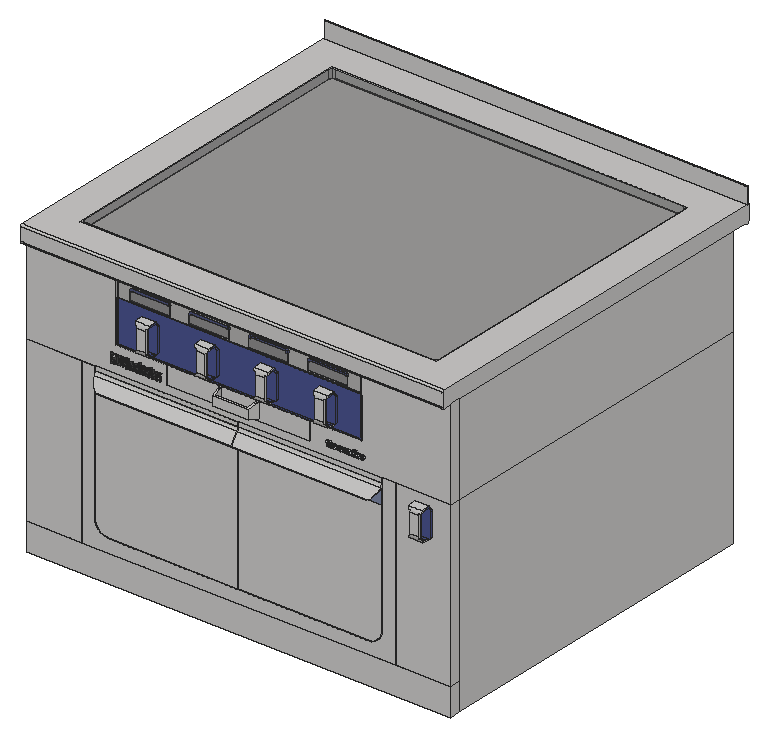
Revit family "QF_ELECTROLUXPROFESSIONAL_589708_MCTHEBJ4AO", category Attrezzature speciali, Revit 2020 (continued)
Definition of nested family "Front_Panel_W1000_Four Knobs"
  Definition of nested family "ELX_Professional_Logo_Small"
    Forms (mm)
      Extrusion 2, solid, material <- "Material_Logo"
        sketch origin (15.5, 0, 0) x (1, 0, 0) y (0, 1, 0)
          loop
            line (40.457, -0.243) -> (38.894, 1.942) -> (40.83, 4.579) -> (42.488, 6.837) -> (39.782, 6.837) -> (37.53, 3.719) -> (35.258, 6.837) -> (32.573, 6.837) -> (34.113, 4.731) -> (36.167, 1.922) -> (34.014, -1.076) -> (32.222, -3.573) -> (34.887, -3.573) -> (37.53, 0.104) -> (40.174, -3.573) -> (42.839, -3.573) -> (40.457, -0.243)
          loop
            line (-46.121, -5.837) -> (-48.039, -5.837) -> (-48.039, -10.814) -> (-47.016, -10.814) -> (-47.016, -9.128) -> (-46.121, -9.128)
            arc (-46.121, -9.128) -> (-44.476, -7.482) -> (-46.121, -5.837) r 1.645
          loop
            line (-46.163, -6.778) -> (-47.016, -6.778) -> (-47.016, -8.187) -> (-46.163, -8.187)
            arc (-46.163, -8.187) -> (-45.458, -7.482) -> (-46.163, -6.778) r 0.704
          loop
            line (-38.313, -5.837) -> (-40.265, -5.837) -> (-40.265, -10.814) -> (-39.241, -10.814) -> (-39.241, -9.1) -> (-38.46, -9.182) -> (-37.48, -10.814) -> (-36.318, -10.814) -> (-37.513, -8.848)
            arc (-37.513, -8.848) -> (-36.888, -8.266) -> (-36.671, -7.441) r 1.536
            arc (-36.671, -7.441) -> (-37.165, -6.305) -> (-38.313, -5.837) r 1.643
          loop
            arc (-38.402, -8.166) -> (-37.707, -7.505) -> (-38.334, -6.778) r 0.696
            line (-38.334, -6.778) -> (-39.241, -6.778) -> (-39.241, -8.166) -> (-38.402, -8.166)
          loop
            circle (-29.965, -8.325) r 2.585
          loop
            circle (-29.965, -8.325) r 1.64
          loop
            line (-23.1, -5.837) -> (-23.1, -10.814) -> (-22.076, -10.814) -> (-22.076, -8.768) -> (-20.204, -8.768) -> (-20.204, -7.828) -> (-22.076, -7.828) -> (-22.076, -6.778) -> (-20.024, -6.778) -> (-20.024, -5.837) -> (-23.1, -5.837)
          loop
            line (-15.802, -5.837) -> (-15.802, -9.2)
            arc (-15.802, -9.2) -> (-15.343, -10.34) -> (-14.209, -10.814) r 1.593
            line (-14.209, -10.814) -> (-12.602, -10.814) -> (-12.602, -10.027) -> (-14.004, -10.027)
            arc (-14.004, -10.027) -> (-14.552, -9.8) -> (-14.779, -9.252) r 0.775
            line (-14.779, -9.252) -> (-14.779, -8.424) -> (-12.789, -8.424) -> (-12.789, -7.642) -> (-14.779, -7.642) -> (-14.779, -6.778) -> (-12.651, -6.778) -> (-12.651, -5.837) -> (-15.802, -5.837)
          loop
            line (-5.909, -7.143) -> (-5.173, -6.638)
            arc (-5.173, -6.638) -> (-5.855, -5.974) -> (-6.781, -5.755) r 1.782
            arc (-6.781, -5.755) -> (-7.397, -5.878) -> (-7.944, -6.189) r 1.974
            arc (-7.944, -6.189) -> (-8.202, -6.5) -> (-8.317, -6.888) r 1.013
            arc (-8.317, -6.888) -> (-8.306, -7.341) -> (-8.192, -7.78) r 1.985
            arc (-8.192, -7.78) -> (-7.749, -8.259) -> (-7.171, -8.563) r 1.928
            arc (-7.171, -8.563) -> (-6.637, -8.779) -> (-6.131, -9.056) r 5.041
            arc (-6.131, -9.056) -> (-5.934, -9.387) -> (-6.09, -9.74) r 0.42
            arc (-6.09, -9.74) -> (-6.631, -9.96) -> (-7.204, -9.845) r 1.016
            arc (-7.204, -9.845) -> (-7.625, -9.603) -> (-7.889, -9.196) r 1.033
            line (-7.889, -9.196) -> (-8.67, -9.686)
            arc (-8.67, -9.686) -> (-8.361, -10.198) -> (-7.908, -10.589) r 1.914
            arc (-7.908, -10.589) -> (-7.334, -10.834) -> (-6.714, -10.896) r 2.063
            arc (-6.714, -10.896) -> (-5.947, -10.743) -> (-5.256, -10.376) r 2.696
            arc (-5.256, -10.376) -> (-4.95, -9.565) -> (-5.108, -8.712) r 1.618
            arc (-5.108, -8.712) -> (-5.448, -8.319) -> (-5.884, -8.035) r 1.876
            arc (-5.884, -8.035) -> (-6.434, -7.789) -> (-6.999, -7.577) r 9.883
            arc (-6.999, -7.577) -> (-7.325, -7.07) -> (-6.854, -6.694) r 0.45
            arc (-6.854, -6.694) -> (-6.329, -6.809) -> (-5.909, -7.143) r 1.197
          loop
            line (1.61, -7.143) -> (2.345, -6.638)
            arc (2.345, -6.638) -> (1.663, -5.974) -> (0.737, -5.755) r 1.782
            arc (0.737, -5.755) -> (0.121, -5.878) -> (-0.425, -6.189) r 1.974
            arc (-0.425, -6.189) -> (-0.683, -6.5) -> (-0.799, -6.888) r 1.013
            arc (-0.799, -6.888) -> (-0.788, -7.341) -> (-0.674, -7.78) r 1.985
            arc (-0.674, -7.78) -> (-0.231, -8.259) -> (0.347, -8.563) r 1.928
            arc (0.347, -8.563) -> (0.881, -8.779) -> (1.387, -9.056) r 5.041
            arc (1.387, -9.056) -> (1.584, -9.387) -> (1.428, -9.74) r 0.42
            arc (1.428, -9.74) -> (0.887, -9.96) -> (0.314, -9.845) r 1.016
            arc (0.314, -9.845) -> (-0.107, -9.603) -> (-0.371, -9.196) r 1.033
            line (-0.371, -9.196) -> (-1.152, -9.686)
            arc (-1.152, -9.686) -> (-0.842, -10.198) -> (-0.39, -10.589) r 1.914
            arc (-0.39, -10.589) -> (0.184, -10.834) -> (0.804, -10.896) r 2.063
            arc (0.804, -10.896) -> (1.572, -10.743) -> (2.263, -10.376) r 2.696
            arc (2.263, -10.376) -> (2.568, -9.565) -> (2.411, -8.712) r 1.618
            arc (2.411, -8.712) -> (2.07, -8.319) -> (1.635, -8.035) r 1.876
            arc (1.635, -8.035) -> (1.084, -7.789) -> (0.519, -7.577) r 9.883
            arc (0.519, -7.577) -> (0.193, -7.07) -> (0.665, -6.694) r 0.45
            arc (0.665, -6.694) -> (1.189, -6.809) -> (1.61, -7.143) r 1.197
          loop
            line (6.801, -5.837) -> (6.801, -10.814) -> (7.825, -10.814) -> (7.825, -5.837) -> (6.801, -5.837)
          loop
            circle (14.724, -8.325) r 1.548
          loop
            circle (14.724, -8.325) r 2.585
          loop
            line (21.59, -10.814) -> (22.623, -10.814) -> (22.623, -7.685) -> (24.9, -10.814) -> (25.895, -10.814) -> (25.895, -5.837) -> (24.861, -5.837) -> (24.861, -9.061) -> (22.585, -5.837) -> (21.59, -5.837) -> (21.59, -10.814)
          loop
            line (31.054, -10.814) -> (31.539, -9.74) -> (33.38, -9.74) -> (33.865, -10.814) -> (34.965, -10.814) -> (32.46, -5.837) -> (29.956, -10.814) -> (31.054, -10.814)
          loop
            line (32.46, -7.698) -> (31.999, -8.719) -> (32.921, -8.719) -> (32.46, -7.698)
          loop
            line (40.047, -9.873) -> (40.047, -5.837) -> (39.024, -5.837) -> (39.024, -10.814) -> (41.961, -10.814) -> (41.961, -9.873) -> (40.047, -9.873)
          loop
            line (-74.986, -10.814) -> (-53.322, -10.814) -> (-53.322, 10.82) -> (-74.986, 10.82) -> (-74.986, -10.814)
          loop
            line (-61.261, 9.758) -> (-61.261, -9.707)
            arc (-61.261, -9.707) -> (-54.066, 0.025) -> (-61.261, 9.758) r 10.18
          loop
            line (-62.251, 8.349) -> (-62.251, 9.758)
            arc (-62.251, 9.758) -> (-70.347, 7.918) -> (-74.247, 0.59) r 9.976
            line (-74.247, 0.59) -> (-71.026, 0.59)
            arc (-71.026, 0.59) -> (-65.274, 2.925) -> (-62.251, 8.349) r 9.351
          loop
            arc (-74.247, -0.539) -> (-70.353, -7.928) -> (-62.251, -9.957) r 10.237
            line (-62.251, -9.957) -> (-62.251, -8.298)
            arc (-62.251, -8.298) -> (-65.274, -2.874) -> (-71.026, -0.539) r 9.351
            line (-71.026, -0.539) -> (-74.247, -0.539)
        from 0 to 1.644
    Dimensions and locks
      aligned and locked: plane 2 to Extrusion 1
      aligned and locked: level to Extrusion 1
Definition of nested family "H450H2W1000_2DOOR"
  Parameters
    Width [instance] = 680 mm
    Wdoor [instance] = Width / 2  # 340 mm
    Show Clearance [instance] = yes
    Model = "727995"
    Height = 450 mm
    Default Elevation = 0 mm
  Reference planes
    plane 1 "Center (Front/Back)": y = 0
    plane 2: z = 0
    plane 3 "Center (Left/Right)": x = 36.042
    plane 4 "panel": z = 25
    plane 5: x = -303.958
    plane 6: x = 376.042
    plane 7: y = 450
    plane 8: z = 340
    plane 9: z = 45
  Forms (mm)
    Extrusion 1, solid
      sketch origin (0, -919.2, 0) x (1, 0, 0) y (0, 1, 0)
        loop
          line (-980.5, 2119.2) -> (-980.5, -162.846) -> (881.94, -162.846) -> (881.94, 2119.2) -> (-980.5, 2119.2)
      from 0 to -59.546
    Extrusion 2, solid
      sketch origin (0, 0, 0) x (1, 0, 0) y (0, 1, 0)
        loop
          line (374.042, 393) -> (37.042, 393) -> (37.042, 97) -> (344.042, 97)
          arc (344.042, 97) -> (365.255, 105.787) -> (374.042, 127) r 30
          line (374.042, 127) -> (374.042, 393)
        loop
          arc (-301.958, 127) -> (-293.171, 105.787) -> (-271.958, 97) r 30
          line (-271.958, 97) -> (35.042, 97) -> (35.042, 393) -> (-301.958, 393) -> (-301.958, 127)
      from 0 to 25
    Extrusion 3, solid
      sketch origin (0, 0, 0) x (1, 0, 0) y (0, 1, 0)
        loop
          line (-301.958, 393) -> (35.042, 393) -> (35.042, 440) -> (-301.958, 440) -> (-301.958, 393)
        loop
          line (37.042, 440) -> (37.042, 393) -> (374.042, 393) -> (374.042, 440) -> (37.042, 440)
      from 0 to 25
    Extrusion 4, solid
      sketch origin (5.581, 79.805, 0) x (1, 0, 0) y (0, 1, 0)
        loop
          line (-307.539, 360.195) -> (29.461, 360.195) -> (29.461, 370.195) -> (-307.539, 370.195) -> (-307.539, 360.195)
        loop
          line (31.461, 370.195) -> (31.461, 360.195) -> (368.461, 360.195) -> (368.461, 370.195) -> (31.461, 370.195)
      from 0 to 25
    Extrusion 5, solid
      sketch origin (36.042, 0, 0) x (0, 1, 0) y (0, 0, 1)
        loop
          line (426.693, 25) -> (440.02, 25)
          arc (440.02, 25) -> (435.261, 25.775) -> (430.993, 28.02) r 15
          line (430.993, 28.02) -> (406.653, 46.362) -> (403.644, 42.369) -> (426.693, 25)
      from 1 to 338
    Extrusion 6, solid
      sketch origin (36.042, 0, 0) x (0, 1, 0) y (0, 0, 1)
        loop
          line (426.693, 25) -> (440.02, 25)
          arc (440.02, 25) -> (435.261, 25.775) -> (430.993, 28.02) r 15
          line (430.993, 28.02) -> (406.653, 46.362) -> (403.644, 42.369) -> (426.693, 25)
      from -338 to -1
    Extrusion 7, void
      sketch origin (0, 0, 0) x (1, 0, 0) y (0, 1, 0)
        loop
          arc (374.042, 426.693) -> (364.508, 412.772) -> (350.317, 403.644) r 42.603
          line (350.317, 403.644) -> (374.042, 403.644) -> (374.042, 426.693)
      from 0 to 47.9
    Extrusion 8, void
      sketch origin (72.084, 0, 0) x (-1, 0, 0) y (0, -1, 0)
        loop
          line (374.042, -426.693) -> (374.042, -403.644) -> (350.317, -403.644)
          arc (350.317, -403.644) -> (364.508, -412.772) -> (374.042, -426.693) r 42.603
      from 0 to 47.9
    Extrusion 9, solid, detail levels coarse
      sketch origin (0, 0, 0) x (1, 0, 0) y (0, 0, 1)
        loop
          arc (36.231, 25) -> (-56.085, 247.873) -> (-278.958, 340.189) r 315.189
          line (-278.958, 340.189) -> (-278.958, 25) -> (36.231, 25)
      from -450 to -97
    Extrusion 10, solid, detail levels coarse
      sketch origin (0, 0, 0) x (1, 0, 0) y (0, 0, 1)
        loop
          arc (351.042, 340) -> (128.303, 247.739) -> (36.042, 25) r 315
          line (36.042, 25) -> (351.042, 25) -> (351.042, 340)
      from -450 to -97
  Cuts and joins
    Extrusion 8 cuts Extrusion 6
    Extrusion 7 cuts Extrusion 5
  Lines and regions (mm)
    symbolic lines
      curve 1: line (376.042, 0, 45) -> (376.042, 0, 340)
      curve 2: line (351.042, 0, 45) -> (351.042, 0, 340)
      curve 3: line (376.042, 0, 340) -> (351.042, 0, 340)
      curve 4: line (-303.958, 0, 45) -> (-303.958, 0, 340)
      curve 5: line (-278.958, 0, 45) -> (-278.958, 0, 340)
      curve 6: line (-303.958, 0, 340) -> (-278.958, 0, 340)
      curve 7: arc (351.042, 0, 340) -> (135.522, 0, 254.731) -> (36.683, 0, 45.088) r 315
      curve 8: arc (35.407, 0, 44.997) -> (-63.405, 0, 254.7) -> (-278.958, 0, 340) r 315
  Dimensions and locks
    plane 4 "panel" to level = 25 mm
    "Width": plane 5 to plane 6
    equal spacing: plane 5, plane 3 "Center (Left/Right)", plane 6
    "Height": plane 1 "Center (Front/Back)" to plane 7
    locked: plane 5 to Extrusion 2 sketch curve at 2
    locked: Extrusion 2 sketch curve to plane 6 at 2
    locked: plane 1 "Center (Front/Back)" to Extrusion 2 sketch curve at 97
    locked: plane 7 to Extrusion 2 sketch curve at 57
    locked: Extrusion 2 sketch curve to plane 3 "Center (Left/Right)" at 1
    locked: plane 3 "Center (Left/Right)" to Extrusion 2 sketch curve at 1
    Extrusion 3 sketch curve to Extrusion 2 = 47 mm
    "Wdoor": plane 8 to level
    locked: curve 2 to curve 1 at 25
    locked: curve 5 to curve 4 at 25
    plane 4 "panel" to plane 9 = 20 mm
    aligned and locked: plane 2 to Extrusion 1
    aligned and locked: level to Extrusion 1
    aligned and locked: plane 4 "panel" to Extrusion 2
    aligned and locked: Extrusion 2 to Extrusion 3 sketch curve
    aligned and locked: Extrusion 3 sketch curve to Extrusion 2  (x2)
    aligned and locked: Extrusion 3 sketch curve to Extrusion 3 sketch curve
    aligned and locked: plane 4 "panel" to Extrusion 3
    aligned and locked: Extrusion 4 sketch curve to Extrusion 4 sketch curve
    aligned and locked: Extrusion 4 sketch curve to Extrusion 3  (x3)
    aligned and locked: Extrusion 3 to Extrusion 4 sketch curve
    aligned and locked: Extrusion 4 sketch curve to plane 7
    aligned and locked: Extrusion 3 to Extrusion 5
    aligned and locked: Extrusion 5 to Extrusion 3
    aligned and locked: Extrusion 6 to Extrusion 3
    aligned and locked: Extrusion 3 to Extrusion 6
    aligned and locked: Extrusion 7 sketch curve to Extrusion 5
    aligned and locked: Extrusion 8 to Extrusion 6
    aligned and locked: Extrusion 4 to Extrusion 8
    aligned and locked: Extrusion 2 to Extrusion 7
    aligned and locked: Extrusion 7 to Extrusion 5
    aligned and locked: Extrusion 4 to Extrusion 3  (x2)
    aligned and locked: Extrusion 3 to Extrusion 2
    aligned and locked: Extrusion 4 to Extrusion 2
    aligned and locked: curve 3 to plane 8
    aligned and locked: curve 1 to plane 6
    aligned and locked: curve 4 to plane 5
    aligned and locked: Extrusion 9 sketch curve to plane 4 "panel"
    aligned and locked: Extrusion 10 sketch curve to curve 7
    aligned and locked: Extrusion 10 sketch curve to curve 2
    aligned and locked: Extrusion 2 to Extrusion 9
    aligned and locked: Extrusion 2 to Extrusion 10
    aligned and locked: plane 7 to Extrusion 9
    aligned and locked: Extrusion 3 to Extrusion 4
  Automatic sketch dimensions
    Extrusion 1 sketch curve to Extrusion 1 sketch curve = 1862.44 mm
    Extrusion 1 sketch curve to Extrusion 1 sketch curve = 2282.046 mm
    Extrusion 2 sketch curve to Extrusion 2 sketch curve = 30 mm  (x2)
    Extrusion 2 sketch curve to plane 1 "Center (Front/Back)" = 97 mm
    Extrusion 2 sketch curve to Extrusion 2 sketch curve = 0 mm
    Extrusion 3 sketch curve to plane 3 "Center (Left/Right)" = 1 mm
    plane 5 to Extrusion 3 sketch curve = 2 mm
    Extrusion 3 sketch curve to Extrusion 3 sketch curve = 0 mm
    Extrusion 5 sketch curve to plane 4 "panel" = 0 mm
    plane 4 "panel" to Extrusion 5 sketch curve = 17.369 mm
    Extrusion 5 sketch curve to plane 7 = 46.356 mm
    plane 4 "panel" to Extrusion 5 sketch curve = 21.362 mm
    Extrusion 5 sketch curve to Extrusion 5 sketch curve = 3.009 mm
    plane 4 "panel" to Extrusion 5 sketch curve = 3.02 mm
    Extrusion 5 sketch curve to Extrusion 5 sketch curve = 9.027 mm
    Extrusion 6 sketch curve to plane 4 "panel" = 0 mm
    plane 4 "panel" to Extrusion 6 sketch curve = 17.369 mm
    Extrusion 6 sketch curve to plane 7 = 46.356 mm
    plane 4 "panel" to Extrusion 6 sketch curve = 21.362 mm
    Extrusion 6 sketch curve to Extrusion 6 sketch curve = 3.009 mm
    plane 4 "panel" to Extrusion 6 sketch curve = 3.02 mm
    Extrusion 6 sketch curve to Extrusion 6 sketch curve = 9.027 mm
    Extrusion 7 sketch curve to Extrusion 7 sketch curve = 23.725 mm
    Extrusion 7 sketch curve to plane 7 = 6.671 mm
    Extrusion 7 sketch curve to plane 6 = 41.221 mm
    Extrusion 7 sketch curve to plane 7 = 23.307 mm
    plane 7 to Extrusion 8 sketch curve = 6.671 mm
    Extrusion 8 sketch curve to plane 5 = 41.221 mm
    Extrusion 8 sketch curve to plane 5 = 25.725 mm
    Extrusion 8 sketch curve to plane 5 = 2 mm
    plane 7 to Extrusion 8 sketch curve = 23.307 mm
    Extrusion 4 sketch curve to Extrusion 4 sketch curve = 10 mm
    Extrusion 4 sketch curve to plane 7 = 10 mm
    curve 2 to plane 9 = 0 mm
    curve 5 to plane 9 = 0 mm
    curve 4 to plane 9 = 0 mm
    curve 1 to plane 9 = 0 mm
    curve 8 to plane 4 "panel" = 0 mm
    curve 5 to plane 8 = 0 mm
    curve 8 to plane 9 = 0.003 mm
    curve 7 to plane 4 "panel" = 0 mm
    plane 9 to curve 7 = 0.088 mm
    plane 5 to Extrusion 9 sketch curve = 25 mm
    plane 3 "Center (Left/Right)" to Extrusion 9 sketch curve = 0.189 mm
Definition of nested family "Warm"
  Reference planes
    plane 1 "Center (Front/Back)": y = 0
    plane 2: z = 0
    plane 3 "Center (Left/Right)": x = 0
  Lines and regions (mm)
    detail lines, in view "Ref. Level"
      curve 1: circle (-165.742, 180.331, 0) r 45 normal (0, 0, 1)
      curve 2: line (-165.742, 125.331, 0) -> (-165.742, 80.331, 0)
      curve 3: line (-165.742, 235.331, 0) -> (-165.742, 280.331, 0)
      curve 4: line (-105.742, 180.331, 0) -> (-65.742, 180.331, 0)
      curve 5: line (-220.742, 180.331, 0) -> (-265.742, 180.331, 0)
      curve 6: line (-126.851, 141.44, 0) -> (-95.031, 109.62, 0)
      curve 7: line (-204.632, 219.221, 0) -> (-236.452, 251.041, 0)
      curve 8: line (-126.851, 219.221, 0) -> (-95.031, 251.041, 0)
      curve 9: line (-204.632, 141.44, 0) -> (-236.452, 109.62, 0)
